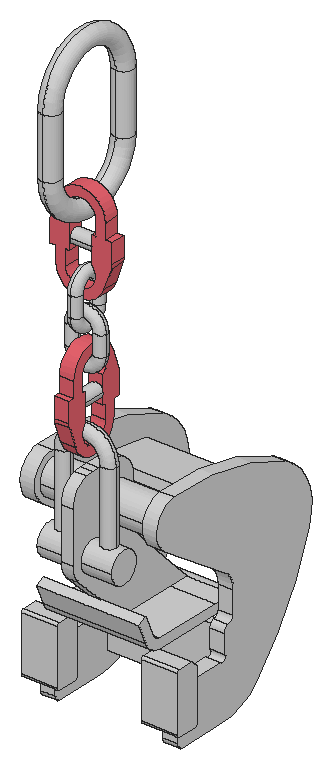
Revit family "EV_NEVI LIFTING HOOK_1920835", category Modelos genéricos, Revit 2018
Family settings
  Puede alojar armadura = No
  Cota de conector redondo = Diámetro de uso
  Tipo de pieza = Normal
  Número OmniClass = 35.51.14.00
  Título OmniClass = FORMWORK
  Se basa en plano de trabajo = Sí
  Siempre vertical = No
  Corte con vacíos al cargar = No
  Compartido = Sí
  Punto de cálculo de habitación = No
Parameters
  VERSION = "20170217"  # constant formula
  URL = "www.ulmaconstruction.com/en"
  UNICLASS = ""
  Fabricante = "ULMA CONSTRUCTION"  # constant formula
  ITEM_CODE = "1920835"
  FILTER [instance] = ""
  Default Elevation = 0.000 mm
  CLASSIFICATION_TITLE = ""
  CLASSIFICATION_NUMBER = ""
Reference planes
  plane 1 "Centro (Frontal/Posterior)": y = 0
  plane 2: z = 0
  plane 3 "Centro (Izquierda/Derecha)": x = 0
Forms (mm)
  Extrusion 1, solid, material "ULMA ZINC", detail levels medium+fine
    sketch origin (0, 0, 0) x (0, 1, 0) y (0, 0, 1)
      loop
        line (-39, -25.557) -> (-39, -54.857) -> (-49, -54.857) -> (-49, -66.457)
        arc (-49, -66.457) -> (-47.536, -69.992) -> (-44, -71.457) r 5
        line (-44, -71.457) -> (-2.4, -71.457)
        arc (-2.4, -71.457) -> (16.334, -67.483) -> (32.2, -56.757) r 50
        arc (32.2, -56.757) -> (65.766, -13.852) -> (88.3, 35.743) r 230
        arc (88.3, 35.743) -> (86.922, 69.943) -> (63.869, 95.243) r 50
        arc (63.869, 95.243) -> (7.59, 115.326) -> (-52.043, 119.143) r 215
        arc (-52.043, 119.143) -> (-69.84, 104.428) -> (-61.9, 82.743) r 20
        line (-61.9, 82.743) -> (-0.1, 40.143)
        arc (-0.1, 40.143) -> (6.236, 32.954) -> (8.5, 23.643) r 20
        line (8.5, 23.643) -> (8.5, 4.443)
        arc (8.5, 4.443) -> (7.036, 0.908) -> (3.5, -0.557) r 5
        arc (3.5, -0.557) -> (0.899, -2.461) -> (0, -5.557) r 5
        line (0, -5.557) -> (0, -21.357)
        arc (0, -21.357) -> (0.321, -25.878) -> (-4.2, -25.557) r 3
        line (-4.2, -25.557) -> (-39, -25.557)
    from 45 to 57
  Extrusion 2, solid, material "ULMA ZINC", detail levels medium+fine
    sketch origin (0, 0, 0) x (0, 1, 0) y (0, 0, 1)
      loop
        line (-39, -25.557) -> (-39, -54.857) -> (-49, -54.857) -> (-49, -66.457)
        arc (-49, -66.457) -> (-47.536, -69.992) -> (-44, -71.457) r 5
        line (-44, -71.457) -> (-2.4, -71.457)
        arc (-2.4, -71.457) -> (16.334, -67.483) -> (32.2, -56.757) r 50
        arc (32.2, -56.757) -> (65.766, -13.852) -> (88.3, 35.743) r 230
        arc (88.3, 35.743) -> (86.922, 69.943) -> (63.869, 95.243) r 50
        arc (63.869, 95.243) -> (7.59, 115.326) -> (-52.043, 119.143) r 215
        arc (-52.043, 119.143) -> (-69.84, 104.428) -> (-61.9, 82.743) r 20
        line (-61.9, 82.743) -> (-0.1, 40.143)
        arc (-0.1, 40.143) -> (6.236, 32.954) -> (8.5, 23.643) r 20
        line (8.5, 23.643) -> (8.5, 4.443)
        arc (8.5, 4.443) -> (7.036, 0.908) -> (3.5, -0.557) r 5
        arc (3.5, -0.557) -> (0.899, -2.461) -> (0, -5.557) r 5
        line (0, -5.557) -> (0, -21.357)
        arc (0, -21.357) -> (0.321, -25.878) -> (-4.2, -25.557) r 3
        line (-4.2, -25.557) -> (-39, -25.557)
    from -57 to -45
  Extrusion 3, solid, material "ULMA ZINC", detail levels fine
    sketch origin (0, 0, 0) x (0, 1, 0) y (0, 0, 1)
      loop
        arc (-57, -4.857) -> (-58.414, -5.443) -> (-59, -6.857) r 2
        line (-59, -6.857) -> (-59, -52.857)
        arc (-59, -52.857) -> (-58.414, -54.271) -> (-57, -54.857) r 2
        line (-57, -54.857) -> (-41, -54.857)
        arc (-41, -54.857) -> (-39.586, -54.271) -> (-39, -52.857) r 2
        line (-39, -52.857) -> (-39, -9.857) -> (-44, -4.857) -> (-57, -4.857)
    from 35 to 65
  Extrusion 4, solid, material "ULMA ZINC", detail levels fine
    sketch origin (0, 0, 0) x (0, 1, 0) y (0, 0, 1)
      loop
        arc (-57, -4.857) -> (-58.414, -5.443) -> (-59, -6.857) r 2
        line (-59, -6.857) -> (-59, -52.857)
        arc (-59, -52.857) -> (-58.414, -54.271) -> (-57, -54.857) r 2
        line (-57, -54.857) -> (-41, -54.857)
        arc (-41, -54.857) -> (-39.586, -54.271) -> (-39, -52.857) r 2
        line (-39, -52.857) -> (-39, -9.857) -> (-44, -4.857) -> (-57, -4.857)
    from -65 to -35
  Extrusion 5, solid, material "ULMA ZINC", detail levels fine
    sketch origin (0, 0, 0) x (0, 1, 0) y (0, 0, 1)
      loop
        line (-64.21, 29.976) -> (-71.552, 26.798) -> (-64.13, 9.646)
        arc (-64.13, 9.646) -> (-58.23, 2.627) -> (-49.446, 0) r 16
        line (-49.446, 0) -> (5.793, 0) -> (25.644, 0)
        arc (25.644, 0) -> (31.301, -2.343) -> (33.644, -8) r 8
        line (33.644, -8) -> (33.644, -15) -> (41.644, -15) -> (41.644, -8)
        arc (41.644, -8) -> (36.958, 3.314) -> (25.644, 8) r 16
        line (25.644, 8) -> (8.5, 8) -> (-49.446, 8)
        arc (-49.446, 8) -> (-53.838, 9.314) -> (-56.788, 12.823) r 8
        line (-56.788, 12.823) -> (-64.21, 29.976)
    from -42.5 to 42.5
  Extrusion 6, solid, material "ULMA ZINC", detail levels fine
    sketch origin (0, 0, 0) x (0, 1, 0) y (0, 0, 1)
      loop
        line (12.7, -55.457) -> (12.7, -5.457) -> (4.7, -5.457) -> (4.7, -55.457) -> (12.7, -55.457)
    from -45 to 45
  Extrusion 7, solid, material "ULMA ZINC", detail levels fine
    sketch origin (0, 0, 0) x (0, 1, 0) y (0, 0, 1)
      loop
        line (25.565, 8) -> (8.344, 26.203) -> (-13.735, 49.542) -> (-25.063, 61.517)
        arc (-25.063, 61.517) -> (-29.117, 67.864) -> (-30.535, 75.261) r 20
        line (-30.535, 75.261) -> (-30.535, 109.2)
        arc (-30.535, 109.2) -> (-31.301, 114.682) -> (-33.539, 119.743) r 20
        arc (-33.539, 119.743) -> (-40.81, 126.677) -> (-50.535, 129.2) r 20
        line (-50.535, 129.2) -> (-66.535, 129.2) -> (-72.535, 129.2)
        arc (-72.535, 129.2) -> (-75.57, 128.968) -> (-78.535, 128.279) r 20
        arc (-78.535, 128.279) -> (-88.659, 121.032) -> (-92.535, 109.2) r 20
        line (-92.535, 109.2) -> (-92.535, 66.584)
        arc (-92.535, 66.584) -> (-91.012, 58.931) -> (-86.677, 52.442) r 20
        line (-86.677, 52.442) -> (-42.235, 8) -> (25.565, 8)
    from -5 to 5
  Extrusion 8, solid, material "ULMA ZINC", detail levels fine
    sketch origin (0, 0, 0) x (0, 1, 0) y (0, 0, 1)
      loop
        circle (-50.535, 99.2) r 15
    from -45 to 45
  Extrusion 9, solid, material "ULMA ZINC", detail levels fine
    sketch origin (0, 0, 0) x (0, 1, 0) y (0, 0, 1)
      loop
        line (44.069, 78.143) -> (45.321, 86.045) -> (-4.064, 93.866) -> (-5.315, 85.965) -> (44.069, 78.143)
    from -45 to 45
  Extrusion 10, solid, material "ULMA ZINC", detail levels fine
    sketch origin (0, 0, 0) x (0, 1, 0) y (0, 0, 1)
      loop
        circle (-72.535, 66.584) r 12.7
    from -31 to 31
  Sweep 11, solid, material "ULMA ZINC", detail levels fine
    path in 3D
      loop
        line (-19, -72.535, 79.284) -> (-19, -72.535, 139.084)
        arc (-19, -72.535, 139.084) -> (0, -72.535, 158.084) -> (19, -72.535, 139.084) r 19
        line (19, -72.535, 139.084) -> (19, -72.535, 79.284)
    profile origin (-19, -72.535, 109.184) x (1, 0, 0) y (0, 1, 0)
      loop
        circle (0, 0) r 6
  Sweep 12, solid, material "ULMA ZINC", detail levels fine
    path in 3D
      loop
        arc (-11.75, -72.535, 235.834) -> (0, -72.535, 247.584) -> (11.75, -72.535, 235.834) r 11.75
        line (11.75, -72.535, 235.834) -> (11.75, -72.535, 219.334)
        arc (11.75, -72.535, 219.334) -> (0, -72.535, 207.584) -> (-11.75, -72.535, 219.334) r 11.75
        line (-11.75, -72.535, 219.334) -> (-11.75, -72.535, 235.834)
    profile origin (-11.75, -72.535, 227.584) x (1, 0, 0) y (0, 1, 0)
      loop
        circle (0, 0) r 5
  Sweep 13, solid, material "ULMA ZINC", detail levels fine
    path in 3D
      loop
        arc (0, -84.285, 249.334) -> (0, -72.535, 237.584) -> (0, -60.785, 249.334) r 11.75
        line (0, -60.785, 249.334) -> (0, -60.785, 265.834)
        arc (0, -60.785, 265.834) -> (0, -72.535, 277.584) -> (0, -84.285, 265.834) r 11.75
        line (0, -84.285, 265.834) -> (0, -84.285, 249.334)
    profile origin (0, -84.285, 257.584) x (1, 0, 0) y (0, 1, 0)
      loop
        circle (0, 0) r 5
  Sweep 14, solid, material "ULMA ZINC", detail levels fine
    path in 3D
      loop
        arc (0, -110.535, 364.084) -> (0, -72.535, 326.084) -> (0, -34.535, 364.084) r 38
        line (0, -34.535, 364.084) -> (0, -34.535, 414.084)
        arc (0, -34.535, 414.084) -> (0, -72.535, 452.084) -> (0, -110.535, 414.084) r 38
        line (0, -110.535, 414.084) -> (0, -110.535, 364.084)
    profile origin (0, -110.535, 389.084) x (1, 0, 0) y (0, 1, 0)
      loop
        circle (0, 0) r 8
  Extrusion 15, solid, material "ULMA RED", detail levels fine
    sketch origin (0, 0, 0) x (0, 1, 0) y (0, 0, 1)
      loop
        line (-93.035, 193.084) -> (-98.535, 193.084) -> (-98.535, 176.303)
        arc (-98.535, 176.303) -> (-98.39, 174.609) -> (-97.961, 172.964) r 10
        line (-97.961, 172.964) -> (-91.858, 155.738)
        arc (-91.858, 155.738) -> (-69.062, 142.381) -> (-52.035, 162.584) r 20.5
        line (-52.035, 162.584) -> (-52.035, 175.084) -> (-46.535, 175.084) -> (-46.535, 191.865)
        arc (-46.535, 191.865) -> (-46.679, 193.559) -> (-47.109, 195.205) r 10
        line (-47.109, 195.205) -> (-53.212, 212.43)
        arc (-53.212, 212.43) -> (-76.008, 225.788) -> (-93.035, 205.584) r 20.5
        line (-93.035, 205.584) -> (-93.035, 193.084)
      loop
        line (-85.035, 205.584) -> (-85.035, 193.084) -> (-82.035, 193.084) -> (-82.035, 170.708)
        arc (-82.035, 170.708) -> (-76.865, 150.858) -> (-60.035, 162.584) r 12.5
        line (-60.035, 162.584) -> (-60.035, 175.084) -> (-63.035, 175.084) -> (-63.035, 197.46)
        arc (-63.035, 197.46) -> (-68.205, 217.31) -> (-85.035, 205.584) r 12.5
    from -6.063 to 6.063
  Extrusion 16, solid, material "ULMA ZINC", detail levels fine
    sketch origin (0, -72.535, 0) x (0, 0, -1) y (-1, 0, 0)
      loop
        circle (-184.084, 0) r 6.063
    from -9.5 to 9.5
  Extrusion 17, solid, material "ULMA RED", detail levels fine
    sketch origin (0, -72.535, 0) x (0, 0, -1) y (-1, 0, 0)
      loop
        line (-322.584, -20.5) -> (-310.084, -20.5) -> (-310.084, -26) -> (-293.303, -26)
        arc (-293.303, -26) -> (-291.609, -25.855) -> (-289.964, -25.426) r 10
        line (-289.964, -25.426) -> (-272.738, -19.323)
        arc (-272.738, -19.323) -> (-259.381, 3.473) -> (-279.584, 20.5) r 20.5
        line (-279.584, 20.5) -> (-292.084, 20.5) -> (-292.084, 26) -> (-308.865, 26)
        arc (-308.865, 26) -> (-310.559, 25.855) -> (-312.205, 25.426) r 10
        line (-312.205, 25.426) -> (-329.43, 19.323)
        arc (-329.43, 19.323) -> (-342.788, -3.473) -> (-322.584, -20.5) r 20.5
      loop
        line (-310.084, -9.5) -> (-287.708, -9.5)
        arc (-287.708, -9.5) -> (-267.858, -4.33) -> (-279.584, 12.5) r 12.5
        line (-279.584, 12.5) -> (-292.084, 12.5) -> (-292.084, 9.5) -> (-314.46, 9.5)
        arc (-314.46, 9.5) -> (-334.31, 4.33) -> (-322.584, -12.5) r 12.5
        line (-322.584, -12.5) -> (-310.084, -12.5) -> (-310.084, -9.5)
    from -6.063 to 6.063
  Extrusion 18, solid, material "ULMA ZINC", detail levels fine
    sketch origin (0, 0, 0) x (0, 1, 0) y (0, 0, 1)
      loop
        circle (-72.535, 301.084) r 6.063
    from -9.5 to 9.5
Lines and regions (mm)
  reference lines
    curve 1: line (-19, -72.535, 79.284) -> (-19, -72.535, 139.084)
    curve 2: arc (-19, -72.535, 139.084) -> (0, -72.535, 158.084) -> (19, -72.535, 139.084) r 19
    curve 3: line (19, -72.535, 139.084) -> (19, -72.535, 79.284)
    curve 4: arc (-11.75, -72.535, 235.834) -> (0, -72.535, 247.584) -> (11.75, -72.535, 235.834) r 11.75
    curve 5: line (11.75, -72.535, 235.834) -> (11.75, -72.535, 219.334)
    curve 6: arc (11.75, -72.535, 219.334) -> (0, -72.535, 207.584) -> (-11.75, -72.535, 219.334) r 11.75
    curve 7: line (-11.75, -72.535, 219.334) -> (-11.75, -72.535, 235.834)
    curve 15: line (0, -84.285, 265.834) -> (0, -84.285, 249.334)
    curve 16: line (0, -60.785, 249.334) -> (0, -60.785, 265.834)
    curve 17: arc (0, -60.785, 265.834) -> (0, -72.535, 277.584) -> (0, -84.285, 265.834) r 11.75
    curve 18: arc (0, -84.285, 249.334) -> (0, -72.535, 237.584) -> (0, -60.785, 249.334) r 11.75
    curve 23: line (0, -110.535, 414.084) -> (0, -110.535, 364.084)
    curve 24: arc (0, -34.535, 414.084) -> (0, -72.535, 452.084) -> (0, -110.535, 414.084) r 38
    curve 25: arc (0, -110.535, 364.084) -> (0, -72.535, 326.084) -> (0, -34.535, 364.084) r 38
    curve 26: line (0, -34.535, 364.084) -> (0, -34.535, 414.084)
    curve 31: arc (15.553, -72.535, 274.074) -> (-2.795, -72.535, 263.323) -> (-16.5, -72.535, 279.584) r 16.5
    curve 32: arc (-15.553, -72.535, 328.094) -> (2.795, -72.535, 338.846) -> (16.5, -72.535, 322.584) r 16.5
    curve 33: line (-15.553, -72.535, 328.094) -> (-16.5, -72.535, 279.584)
    curve 34: line (15.553, -72.535, 274.074) -> (16.5, -72.535, 322.584)
    curve 35: arc (0, -88.088, 157.074) -> (0, -69.739, 146.323) -> (0, -56.035, 162.584) r 16.5
    curve 36: arc (0, -56.982, 211.094) -> (0, -75.33, 221.846) -> (0, -89.035, 205.584) r 16.5
    curve 37: line (0, -89.035, 205.584) -> (0, -88.088, 157.074)
    curve 38: line (0, -56.035, 162.584) -> (0, -56.982, 211.094)
  sketch lines
    curve 8: line (-19, -72.535, 79.284) -> (-19, -72.535, 139.084)
    curve 9: arc (-19, -72.535, 139.084) -> (0, -72.535, 158.084) -> (19, -72.535, 139.084) r 19
    curve 10: line (19, -72.535, 139.084) -> (19, -72.535, 79.284)
    curve 11: line (-11.75, -72.535, 219.334) -> (-11.75, -72.535, 235.834)
    curve 12: arc (-11.75, -72.535, 235.834) -> (0, -72.535, 247.584) -> (11.75, -72.535, 235.834) r 11.75
    curve 13: line (11.75, -72.535, 235.834) -> (11.75, -72.535, 219.334)
    curve 14: arc (11.75, -72.535, 219.334) -> (0, -72.535, 207.584) -> (-11.75, -72.535, 219.334) r 11.75
    curve 19: line (0, -84.285, 265.834) -> (0, -84.285, 249.334)
    curve 20: arc (0, -60.785, 265.834) -> (0, -72.535, 277.584) -> (0, -84.285, 265.834) r 11.75
    curve 21: line (0, -60.785, 249.334) -> (0, -60.785, 265.834)
    curve 22: arc (0, -84.285, 249.334) -> (0, -72.535, 237.584) -> (0, -60.785, 249.334) r 11.75
    curve 27: line (0, -110.535, 414.084) -> (0, -110.535, 364.084)
    curve 28: arc (0, -34.535, 414.084) -> (0, -72.535, 452.084) -> (0, -110.535, 414.084) r 38
    curve 29: line (0, -34.535, 364.084) -> (0, -34.535, 414.084)
    curve 30: arc (0, -110.535, 364.084) -> (0, -72.535, 326.084) -> (0, -34.535, 364.084) r 38
Dimensions and locks
  aligned and locked: level to plane 2
